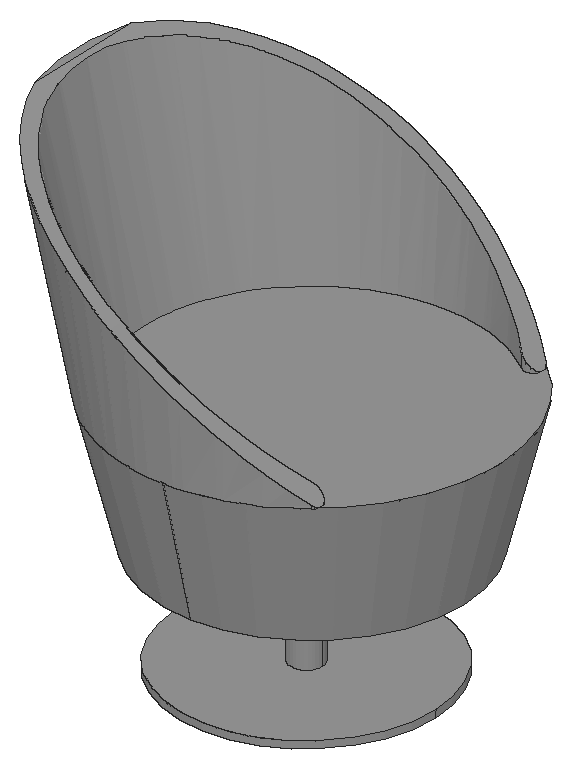
Revit family "Furniture_Chair_LADY 045.01", category Furniture, Revit 2019
Family settings
  OmniClass Number = 23.21.23.15.17
  Work Plane-Based = Yes
  Always vertical = No
  Cut with Voids When Loaded = No
  Shared = No
  Room Calculation Point = No
Parameters (values of type "LADY 045.01")
  Youtube clip = ""
  Uniformat II Description = "Movable Furnishings"
  Uniformat II Code = ""
  Uniclass 2015 Name = ""
  Uniclass 2015 Code = ""
  Uniclass 2.0 Description = ""
  Uniclass 2.0 Code = ""
  Uniclass 1.4 Description = ""
  Uniclass 1.4 Code = ""
  UNSPSC Code = ""
  Technical description = ""
  Shell Material = Leather - Brilliant White
  Frame Material = Titanium
  Region South America = "All"
  Region Oceania = "All"
  Region North America = "All"
  Region Middle East = "All"
  Region Europe = "All"
  Region Asia = "All"
  Region Antarctica = "All"
  Region Africa = "All"
  QR code = "https://www.sandlerseating.com/product/lady-045-01/"
  Product url = "https://www.sandlerseating.com/product/lady-045-01/"
  Product name = "LADY 045.01"
  Product group = "Chair"
  Product family = "Furniture"
  Product data url = "https://www.sandlerseating.com/product/lady-045-01/"
  Product certification = ""
  Product SKU = "??"
  Product Guid = "??"
  OmniClass Description = ""
  OmniClass Code = "23-21 23 15 17"
  NBS Reference Description = ""
  NBS Reference Code = ""
  Model = "LADY 045.01"
  Masterformat 2014 Description = "Chair Mats"
  Masterformat 2014 Code = "12 48 43.13"
  Manufacturer name = "Sandler"
  Manufacturer country = "USA"
  Manufacturer = "Sandler"
  Installation instructions = ""
  IFC Classification = "Furnishing Element"
  GTIN code = ""
  Edition number = 1
  Design country = "Brasil"
  Description = "Chair"
  Default Elevation = 0.000 mm
  Date of publishing = ""
  COBIe Type Category = ""
  Brand url = "https://www.sandlerseating.com/"
  BIMobject main category code = "furniture"
  BIMobject main category = "Furniture"
  BIMobject category code = "furniture-chair"
  BIMobject category = "Chair"
Reference planes
  plane 1 "Center Front/Back": y = 0
  plane 2: z = 0
  plane 3 "Center Left/Right": x = 0
Dimensions and locks
  aligned and locked: level to plane 2
Nested families
  nested 1: "TP01 - LADY" at (17.008, 0, -0.029) x (0, 1, 0) z (0, 0, 1), Seat Material <- "Shell Material", type "TP01 - LADY"
    with Seat Material Leather - Brilliant White
  nested 2: "BS01 - LADY" at (-1.202, 11.202, 0), Frame Material <- "Frame Material", type "BS01 - LADY"
    with Frame Material Titanium
Definition of nested family "TP01 - LADY"
  Parameters (values of type "TP01 - LADY")
    Seat Material [instance] = none
    Frame Material = none
  Reference planes
    plane 1 "Center (Front/Back)": y = 0
    plane 2: z = 0
    plane 3 "Center (Left/Right)": x = 0
  Forms (mm)
    Blend 1, solid, material <- "Seat Material"
      base sketch origin (0, 0, 238.7) x (-1, 0, 0) y (0, -1, 0)
        loop
          line (209.78, 194.456) -> (195.596, 180.272)
          arc (195.596, 180.272) -> (1.352, -348.726) -> (-195.507, 179.305) r 300.435
          line (-195.507, 179.305) -> (-209.686, 193.483)
          arc (-209.686, 193.483) -> (1.351, -368.726) -> (209.78, 194.456) r 320.435
      top sketch origin (0, 0, 238.7) x (-1, 0, 0) y (0, -1, 0)
        loop
          arc (-225.84, 181.028) -> (0.719, -290) -> (227.277, 181.028) r 290
          arc (227.277, 181.028) -> (206.195, 183.383) -> (203.84, 162.301) r 15
          arc (203.84, 162.301) -> (0.719, -260) -> (-202.403, 162.301) r 260
          arc (-202.403, 162.301) -> (-204.758, 183.383) -> (-225.84, 181.028) r 15
      from 501.695 to 156.3
    Extrusion 2, void
      sketch origin (0, 0, 0) x (0, 1, 0) y (0, 0, 1)
        loop
          line (358.139, 741.897) -> (358.139, 756.897) -> (350.753, 764.283) -> (-196.369, 764.283) -> (-196.369, 394.283) -> (-186.369, 394.283)
          arc (-186.369, 394.283) -> (72.32, 589.338) -> (358.139, 741.897) r 2081.951
      from -328.903 to 332.697
    Blend 3, solid, material <- "Seat Material"
      base sketch origin (0, 0, 238.7) x (-1, 0, 0) y (0, -1, 0)
        loop
          circle (0, 0) r 289.999
      top sketch origin (0, 0, 238.7) x (-1, 0, 0) y (0, -1, 0)
        loop
          circle (0, 0) r 235
      from 156.3 to -57.709
  Cuts and joins
    Extrusion 2 cuts Blend 1
  Dimensions and locks
    aligned and locked: level to plane 2
Definition of nested family "BS01 - LADY"
  Parameters (values of type "BS01 - LADY")
    Frame Material [instance] = none
  Reference planes
    plane 1 "Center (Front/Back)": y = 0
    plane 2: z = 0
    plane 3 "Center (Left/Right)": x = 0
  Forms (mm)
    Extrusion 1, solid, material <- "Frame Material"
      sketch origin (0, 0, 238.7) x (-1, 0, 0) y (0, -1, 0)
        loop
          circle (0, 0) r 199.977
      from -238.7 to -227.709
    Extrusion 2, solid, material <- "Frame Material"
      sketch origin (0, 0, 238.7) x (-1, 0, 0) y (0, -1, 0)
        loop
          circle (0, 0) r 25
      from -227.709 to -57.709
  Dimensions and locks
    aligned and locked: level to plane 2
